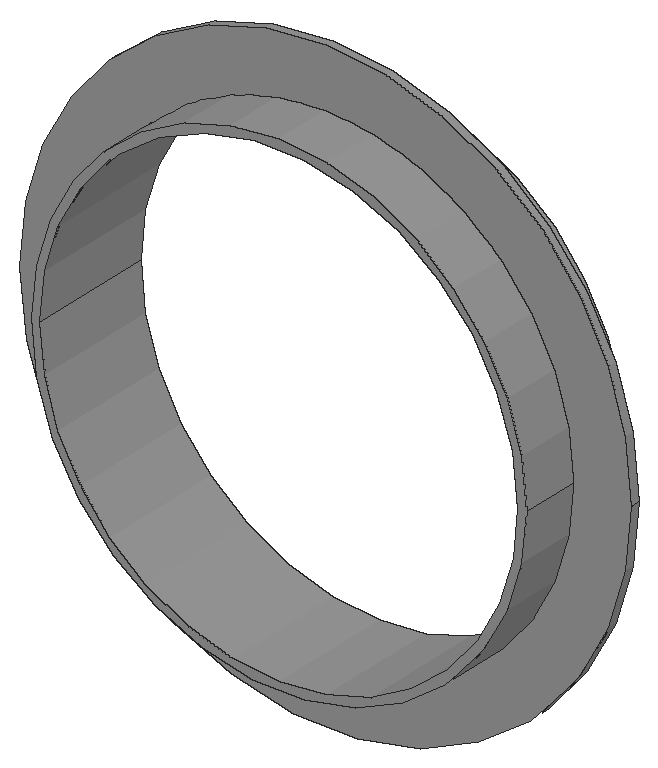
Revit family "刚性防水套管", category 管道附件, Revit 2016
Family settings
  主体 = 墙
  零件类型 = 标准
  圆形连接件大小 = 使用直径
  总是垂直 = 是
  加载时剪切的空心 = 是
  共享 = 否
Parameters (values of type "标准")
  Assembly Code = ""
  Description = ""
  翼环直径 [instance] = 730 mm
  翼环半径 [instance] = 翼环直径 / 2  # 365 mm
  Type Comments = ""
  Keynote = ""
  标注内容 [instance] = ""
  材质 [instance] = 铸铁
  套管直径 [instance] = 590 mm
  套管半径 [instance] = 套管直径 / 2  # 295 mm
  套管内半径 [instance] = 套管半径 - 壁厚  # 285 mm
  壁厚 [instance] = 10 mm
  Model = ""
  图集号 = "02S404"
  国标编码 = "14-04.50.09"
  Manufacturer = ""
  URL = ""
Reference planes
  plane 1 "墙": y = 0
  plane 2 "中心(左/右)": x = 125
  plane 3 "后面": y = 75
  plane 4: y = 5
  plane 5: y = -5
  plane 6: x = -170
  plane 7: x = 420
  plane 8: x = -240
  plane 9: x = 490
  plane 10: z = 0
Forms (mm)
  Extrusion 1, solid, material "铸铁" <- "材质", detail levels fine
    sketch origin (0, 0, 0) x (1, 0, 0) y (0, 0, 1)
      loop
        circle (125, 0) r 365
      loop
        circle (125, 0) r 295
    from -5 to 5
  Extrusion 2, solid, material "铸铁" <- "材质", detail levels fine
    sketch origin (0, 0, 0) x (1, 0, 0) y (0, 0, 1)
      loop
        circle (125, 0) r 295
      loop
        circle (125, 0) r 285
    from -75 to 75
Lines and regions (mm)
  Opening 1
    outline origin (-5000, -75, 0) x (1, 0, 0) y (0, 0, 1)
      loop
        circle (5125, 0) r 295
  model lines, detail levels coarse+medium
    curve 1: line (-170, 75, 0) -> (-170, -75, 0)
    curve 2: line (420, -75, 0) -> (420, 75, 0)
    curve 3: line (-240, 0, 0) -> (-170, 0, 0)
    curve 4: line (420, 0, 0) -> (490, 0, 0)
Text (mm)
  text "放置边" at (-1848.837, 1116.779, 0), in view "参照标高"
  text "放置边" at (0, 1409.804, 2854.306), in view "左"
  text "放置边" at (0, 499.811, 2980.732), in view "右"
Dimensions and locks
  locked: plane 3 "后面" to host wall
  equal spacing: plane 4, plane 1 "墙", plane 5
  "壁厚": plane 4 to plane 5
  equal spacing: plane 6, plane 2 "中心(左/右)", plane 7
  "套管直径": plane 6 to plane 7
  equal spacing: plane 8, plane 2 "中心(左/右)", plane 9
  "翼环直径": plane 8 to plane 9
  locked: level to plane 10
  "套管半径": radius of Opening 1 sketch curve
  "翼环半径": radius of Extrusion 1 sketch curve
  "套管半径": radius of Extrusion 1 sketch curve
  "套管半径": radius of Extrusion 2 sketch curve
  "套管内半径": radius of Extrusion 2 sketch curve
  aligned and locked: plane 1 "墙" to host wall
  aligned and locked: plane 2 "中心(左/右)" to Opening 1 sketch curve
  aligned and locked: level to Opening 1 sketch curve
  aligned and locked: plane 2 "中心(左/右)" to Extrusion 1 sketch curve  (x2)
  aligned and locked: level to Extrusion 1 sketch curve  (x2)
  aligned and locked: plane 2 "中心(左/右)" to Extrusion 2 sketch curve  (x2)
  aligned and locked: level to Extrusion 2 sketch curve  (x2)
  aligned and locked: host wall to Extrusion 2  (x2)
  aligned and locked: plane 5 to Extrusion 1
  aligned and locked: plane 4 to Extrusion 1
  aligned and locked: curve 1 to plane 6
  aligned and locked: curve 2 to plane 7
  aligned and locked: host wall to curve 2  (x2)
  aligned and locked: host wall to curve 1  (x2)
  aligned and locked: host wall to curve 3
  aligned and locked: plane 8 to curve 3
  aligned and locked: plane 6 to curve 3
  aligned and locked: plane 9 to curve 4
  aligned and locked: plane 7 to curve 4
Automatic sketch dimensions
  host wall to curve 4 = 0 mm
